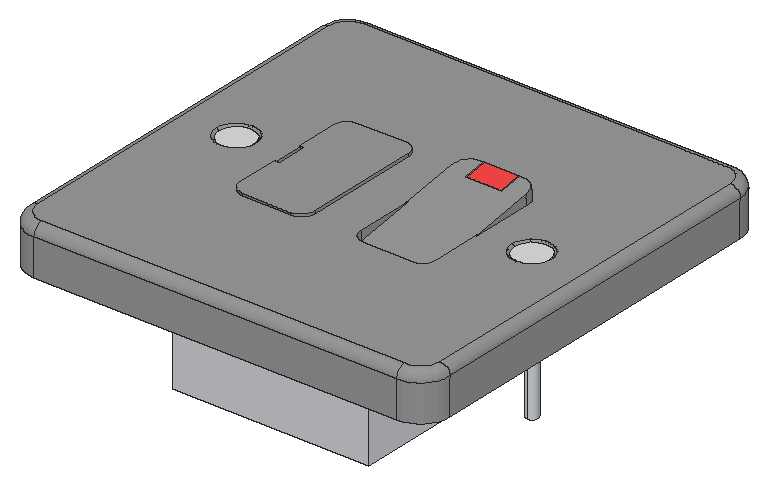
Revit family "ElectricalFixture_WiringAccessories_Hager_Sollysta_PartM_SwitchedGreyFusedConnectionUnits", category Electrical Fixtures, host Face, Revit 2015
Parameters (values of type "WMSSU83NG")
  Warranty ID = ""
  Voltage (Volts) = "230V/240V"
  Unique Reference = "WMSSU83NG"
  Type = "ElectricalFixture"
  Technical Description = Description  # "13AFCUSwitchedWithLEDWithGreyFacePlate"
  Switch = no
  Supply Phase = "1"
  Size = ""
  Shipping Weight kg = "0.188"
  Shape = "Rectangular"
  RockerMaterial = Urea Formaldehyde Thermoset Plastic
  Reference Standard = "BS 1363-2"
  Product URL = "http://www.hager.co.uk/product-catalogue/wiring-accessories/sollysta/white-moulded/white-moulded-sockets/58428.htm"
  Product Range = "Sollysta"
  Product Model Number = Unique Reference  # "WMSSU83NG"
  Product Literature = "http://www.hager.co.uk/product-catalogue/wiring-accessories/sollysta/38662.htm"
  Product Group = "WiringAccessories"
  Product Family = "PartMFusedConnectionUnits"
  Packaging Recyclable = yes
  Overall Width = Overall Length  # 86.0 mm
  Overall Length = 86.0 mm
  Overall Height = 86.0 mm
  Overall Depth = 26.07 mm
  Operation and Maintenance Manual = ""
  Name = "PartMFusedConnectionUnits_WMSSU83NG"
  Measurement Units = "mm"
  Material = Urea Formaldehyde Thermoset Plastic
  Manufacturer Website = "http://www.hager.co.uk/"
  Manufacturer Country = "United Kingdom"
  Manufacturer = "Hager"
  LED Indicator Switch = yes
  Gross Weight kg = "0.165"
  Frequency = "50/60Hz"
  Flex Outlet = no
  Finish = "Gloss"
  Features = Description  # "13AFCUSwitchedWithLEDWithGreyFacePlate"
  FaceMaterial = Hager_GreyPartM
  Extrusion From Wall = 11.921 mm
  Expected Life = "25 years"
  EAN Code = "5015654756833"
  Design Country = "China"
  Description = "13AFCUSwitchedWithLEDWithGreyFacePlate"
  Default Elevation = 1219.2 mm
  Colour = "PartMRed"
  CE Approval = yes
Reference planes
  plane 1 "Center (Front/Back)": y = 0
  plane 2: z = 0
  plane 3 "Center (Left/Right)": x = 0
  plane 4: y = -43
  plane 5: y = 43
  plane 6: x = -137
  plane 7: x = -51
  plane 8: z = 9.47
  plane 9: z = -16.6
  plane 10: z = 11.921
  plane 11: y = -471.393
  plane 12: z = -20.53
  plane 13: x = -124.15
  plane 14: x = -63.85
  plane 15: x = -93.992
Forms (mm)
  Extrusion 1, solid, material "Hager_GreyPartM" <- "FaceMaterial", detail levels fine
    sketch origin (0, 0, 0) x (1, 0, 0) y (0, 1, 0)
      loop
        arc (-137, -37.005) -> (-135.244, -41.244) -> (-131.005, -43) r 5.995
        line (-131.005, -43) -> (-57.017, -43)
        arc (-57.017, -43) -> (-52.762, -41.238) -> (-51, -36.983) r 6.017
        line (-51, -36.983) -> (-51, 37.035)
        arc (-51, 37.035) -> (-52.747, 41.253) -> (-56.965, 43) r 5.965
        line (-56.965, 43) -> (-131.018, 43)
        arc (-131.018, 43) -> (-135.248, 41.248) -> (-137, 37.018) r 5.982
        line (-137, 37.018) -> (-137, -37.005)
      loop
        circle (-124.15, 0) r 3.228
      loop
        circle (-63.85, 0) r 3.228
      loop
        line (-98.66, -11.794) -> (-98.66, 11.928)
        arc (-98.66, 11.928) -> (-99.483, 13.914) -> (-101.469, 14.736) r 2.808
        line (-101.469, 14.736) -> (-111.177, 14.736)
        arc (-111.177, 14.736) -> (-113.111, 13.935) -> (-113.912, 12.001) r 2.735
        line (-113.912, 12.001) -> (-113.912, -11.881)
        arc (-113.912, -11.881) -> (-113.123, -13.786) -> (-111.218, -14.576) r 2.694
        line (-111.218, -14.576) -> (-101.441, -14.576)
        arc (-101.441, -14.576) -> (-99.475, -13.761) -> (-98.66, -11.794) r 2.781
      loop
        arc (-89.304, -11.794) -> (-88.489, -13.761) -> (-86.523, -14.576) r 2.781
        line (-86.523, -14.576) -> (-76.746, -14.576)
        arc (-76.746, -14.576) -> (-74.841, -13.786) -> (-74.052, -11.881) r 2.694
        line (-74.052, -11.881) -> (-74.052, 12.001)
        arc (-74.052, 12.001) -> (-74.853, 13.935) -> (-76.787, 14.736) r 2.735
        line (-76.787, 14.736) -> (-86.495, 14.736)
        arc (-86.495, 14.736) -> (-88.481, 13.914) -> (-89.304, 11.928) r 2.808
        line (-89.304, 11.928) -> (-89.304, -11.794)
    from 0 to 9.47
  Sweep 2, void
    path origin (0, 0, 0) x (1, 0, 0) y (0, 1, 0)
      loop
        line (-137, 37.018) -> (-137, -37.005)
        arc (-137, -37.005) -> (-135.244, -41.244) -> (-131.005, -43) r 5.995
        line (-131.005, -43) -> (-57.017, -43)
        arc (-57.017, -43) -> (-52.762, -41.238) -> (-51, -36.983) r 6.017
        line (-51, -36.983) -> (-51, 37.035)
        arc (-51, 37.035) -> (-52.747, 41.253) -> (-56.965, 43) r 5.965
        line (-56.965, 43) -> (-131.018, 43)
        arc (-131.018, 43) -> (-135.248, 41.248) -> (-137, 37.018) r 5.982
    profile origin (-137, 0.007, 0) x (1, 0, 0) y (0, 0, 1)
      loop
        line (0, 9.47) -> (0, 7.462)
        arc (0, 7.462) -> (0.588, 8.882) -> (2.008, 9.47) r 2.008
        line (2.008, 9.47) -> (0, 9.47)
  Sweep 3, void
    path origin (0, 0, 0) x (1, 0, 0) y (0, 1, 0)
      loop
        circle (-63.85, 0) r 3.228
    profile origin (-63.85, 3.228, 0) x (0, -1, 0) y (0, 0, 1)
      loop
        line (0, 9.47) -> (-0.814, 9.47)
        arc (-0.814, 9.47) -> (-0.347, 9.123) -> (0, 8.656) r 2
        line (0, 8.656) -> (0, 9.47)
  Sweep 4, void
    path origin (0, 0, 0) x (1, 0, 0) y (0, 1, 0)
      loop
        circle (-124.15, 0) r 3.228
    profile origin (-124.15, 3.228, 0) x (0, 1, 0) y (0, 0, 1)
      loop
        line (0, 9.47) -> (0, 8.656)
        arc (0, 8.656) -> (0.346, 9.124) -> (0.814, 9.47) r 1.964
        line (0.814, 9.47) -> (0, 9.47)
  Extrusion 5, solid, material "Steel, Chrome Plated", detail levels fine
    sketch origin (0, 0, 0) x (1, 0, 0) y (0, 1, 0)
      loop
        circle (-124.15, 0) r 3.542
    from -1.167 to 9.196
  Extrusion 6, solid, material "Steel, Chrome Plated", detail levels fine
    sketch origin (0, 0, 0) x (-1, 0, 0) y (0, -1, 0)
      loop
        circle (63.85, 0) r 3.542
    from -1.167 to 9.196
  Extrusion 7, solid, detail levels medium
    sketch origin (0, 0, 0) x (1, 0, 0) y (0, 1, 0)
      loop
        line (-137, 43) -> (-137, -43) -> (-51, -43) -> (-51, 43) -> (-137, 43)
    from 0 to 9.47
  Extrusion 8, solid
    sketch origin (-184.307, 0, -1.167) x (0, 1, 0) y (-1, 0, 0)
      loop
        circle (0, -60.15) r 1.2
    from 0 to 19.363
  Extrusion 9, solid
    sketch origin (0, 0, -1.167) x (0, -1, 0) y (1, 0, 0)
      loop
        circle (0, -63.85) r 1.2
    from 0 to 19.363
  Extrusion 10, solid, material "Urea Formaldehyde Thermoset Plastic", detail levels medium
    sketch origin (0, 0, 0) x (1, 0, 0) y (0, 1, 0)
      loop
        line (-137, -43) -> (-51, -43) -> (-51, 43) -> (-137, 43) -> (-137, -43)
    from 0 to 9.47
  Extrusion 11, solid, material "Urea Formaldehyde Thermoset Plastic", visible <- "Flex Outlet", detail levels fine
    sketch origin (0, 0, 0) x (1, 0, 0) y (0, 1, 0)
      loop
        circle (-115.967, -26.562) r 4
    from 9.47 to 9.835
  Extrusion 12, solid, material "Urea Formaldehyde Thermoset Plastic", detail levels fine
    sketch origin (-12.347, 0, 0) x (1, 0, 0) y (0, 1, 0)
      loop
        arc (-101.565, -11.881) -> (-100.775, -13.786) -> (-98.87, -14.576) r 2.694
        line (-98.87, -14.576) -> (-89.094, -14.576)
        arc (-89.094, -14.576) -> (-87.127, -13.761) -> (-86.313, -11.794) r 2.781
        line (-86.313, -11.794) -> (-86.313, 11.928)
        arc (-86.313, 11.928) -> (-87.135, 13.914) -> (-89.121, 14.736) r 2.808
        line (-89.121, 14.736) -> (-98.83, 14.736)
        arc (-98.83, 14.736) -> (-100.764, 13.935) -> (-101.565, 12.001) r 2.735
        line (-101.565, 12.001) -> (-101.565, 3.261) -> (-100.611, 3.261) -> (-100.611, -3.031) -> (-101.565, -3.031) -> (-101.565, -11.881)
    from 7.698 to 9.835
  Extrusion 13, solid, material "Urea Formaldehyde Thermoset Plastic" <- "RockerMaterial", visible <- "Switch", detail levels fine
    sketch origin (-6.456, -21.777, 3.542) x (1, 0, 0) y (0, 0.987688, -0.156434)
      loop
        arc (-82.848, 9.104) -> (-81.912, 6.845) -> (-79.653, 5.91) r 3.194
        line (-79.653, 5.91) -> (-70.877, 5.91)
        arc (-70.877, 5.91) -> (-68.557, 6.871) -> (-67.596, 9.191) r 3.281
        line (-67.596, 9.191) -> (-67.596, 32.07)
        arc (-67.596, 32.07) -> (-68.565, 34.409) -> (-70.904, 35.378) r 3.308
        line (-70.904, 35.378) -> (-72.778, 35.378) -> (-77.654, 35.378) -> (-79.613, 35.378)
        arc (-79.613, 35.378) -> (-81.9, 34.431) -> (-82.848, 32.143) r 3.235
        line (-82.848, 32.143) -> (-82.848, 9.104)
    from 0 to 9.42
  Extrusion 14, solid, material "LED Indicator", visible <- "LED Indicator Switch", detail levels fine
    sketch origin (12.261, 0.582, -1.893) x (1, 0, 0) y (0, 0.987649, 0.156681)
      loop
        line (-97.565, 11.407) -> (-90.394, 11.407) -> (-90.394, 15.877) -> (-97.565, 15.877) -> (-97.565, 11.407)
    from 7.064 to 11.47
  Extrusion 15, solid, material "Urea Formaldehyde Thermoset Plastic" <- "RockerMaterial", visible <- "LED Indicator Switch", detail levels fine
    sketch origin (-6.456, 21.777, 3.542) x (1, 0, 0) y (0, 0.987688, 0.156434)
      loop
        line (-82.848, -9.104) -> (-82.848, -32.143)
        arc (-82.848, -32.143) -> (-81.9, -34.431) -> (-79.613, -35.378) r 3.235
        line (-79.613, -35.378) -> (-77.654, -35.378) -> (-72.778, -35.378) -> (-70.904, -35.378)
        arc (-70.904, -35.378) -> (-68.565, -34.409) -> (-67.596, -32.07) r 3.308
        line (-67.596, -32.07) -> (-67.596, -9.191)
        arc (-67.596, -9.191) -> (-68.557, -6.871) -> (-70.877, -5.91) r 3.281
        line (-70.877, -5.91) -> (-71.677, -5.91) -> (-71.677, -10.38) -> (-78.848, -10.38) -> (-78.848, -5.91) -> (-79.653, -5.91)
        arc (-79.653, -5.91) -> (-81.912, -6.845) -> (-82.848, -9.104) r 3.194
    from 0 to 9.42
  Extrusion 16, solid
    sketch origin (0, 0, 0) x (1, 0, 0) y (0, 1, 0)
      loop
        line (-113.912, 29.388) -> (-113.912, -28.916) -> (-74.052, -28.916) -> (-74.052, 29.388) -> (-113.912, 29.388)
    from -20.53 to 0
Cuts and joins
  Sweep 2, Sweep 3, Sweep 4 cuts Extrusion 1
Lines and regions (mm)
  symbolic lines, style "ElectricalFixtures", not visible, detail levels coarse
    curve 1: line (73.42, -504.912, 19.451) -> (3.42, -504.912, 19.451)
    curve 2: arc (73.42, -504.912, 19.451) -> (38.42, -504.912, 54.451) -> (3.42, -504.912, 19.451) r 35
    curve 3: circle (38.42, -504.912, 54.451) r 6 normal (0, 1, 0)
    curve 4: line (38.42, -504.912, 54.451) -> (38.42, -504.912, 99.451)
    curve 5: line (38.42, -504.912, 99.451) -> (68.42, -504.912, 99.451)
    curve 6: line (38.42, -504.912, 54.451) -> (10.78, -504.912, 87.391)
    curve 7: line (10.78, -504.912, 87.391) -> (-3.315, -504.912, 75.564)
    curve 8: line (0.509, -504.912, 19.451) -> (-69.491, -504.912, 19.451)
    curve 9: arc (0.509, -504.912, 19.451) -> (-34.491, -504.912, 54.451) -> (-69.491, -504.912, 19.451) r 35
    curve 10: circle (-34.491, -504.912, 54.451) r 6 normal (0, 1, 0)
    curve 11: line (-34.491, -504.912, 54.451) -> (-34.491, -504.912, 99.451)
    curve 12: line (-34.491, -504.912, 99.451) -> (-4.491, -504.912, 99.451)
    curve 13: line (-34.491, -504.912, 54.451) -> (-62.13, -504.912, 87.391)
    curve 14: line (-62.13, -504.912, 87.391) -> (-76.226, -504.912, 75.564)
  model lines, detail levels coarse
    curve 15: line (-137, 43, 0) -> (-51, 43, 0)
    curve 16: line (-137, -43, 0) -> (-137, 43, 0)
    curve 17: line (-51, -43, 0) -> (-137, -43, 0)
    curve 18: line (-51, 43, 0) -> (-51, -43, 0)
    curve 19: arc (-120.108, 0, 0) -> (-124.15, -4.042, 0) -> (-128.192, 0, 0) r 4.042
    curve 20: arc (-128.192, 0, 0) -> (-124.15, 4.042, 0) -> (-120.108, 0, 0) r 4.042
    curve 21: arc (-59.808, 0, 0) -> (-63.85, -4.042, 0) -> (-67.892, 0, 0) r 4.042
    curve 22: arc (-67.892, 0, 0) -> (-63.85, 4.042, 0) -> (-59.808, 0, 0) r 4.042
  model lines
    curve 23: line (-112.959, 3.261, 0) -> (-112.959, -3.031, 0)
    curve 24: line (-112.959, -3.031, 0) -> (-113.912, -3.031, 0)
    curve 25: line (-113.912, -3.031, 0) -> (-113.912, -11.881, 0)
    curve 26: arc (-113.912, -11.881, 0) -> (-113.123, -13.786, 0) -> (-111.218, -14.576, 0) r 2.694
    curve 27: line (-111.218, -14.576, 0) -> (-101.441, -14.576, 0)
    curve 28: arc (-101.441, -14.576, 0) -> (-99.475, -13.761, 0) -> (-98.66, -11.794, 0) r 2.781
    curve 29: line (-98.66, -11.794, 0) -> (-98.66, 11.928, 0)
    curve 30: arc (-98.66, 11.928, 0) -> (-99.483, 13.914, 0) -> (-101.469, 14.736, 0) r 2.808
    curve 31: line (-101.469, 14.736, 0) -> (-111.177, 14.736, 0)
    curve 32: arc (-111.177, 14.736, 0) -> (-113.111, 13.935, 0) -> (-113.912, 12.001, 0) r 2.735
    curve 33: line (-113.912, 12.001, 0) -> (-113.912, 3.261, 0)
    curve 34: line (-113.912, 3.261, 0) -> (-112.959, 3.261, 0)
    curve 35: line (-113.912, -11.881, 0) -> (-113.912, 12.001, 0)
    curve 38: line (-89.304, 12.785, 0) -> (-89.304, -12.785, 0)
    curve 39: spline (-89.304, 12.785, 0) -> (-89.276, 13.196, 0) -> (-89.195, 13.601, 0) -> (-89.061, 13.992, 0) -> (-88.876, 14.362, 0) -> (-88.644, 14.705, 0) -> (-88.368, 15.016, 0) -> (-88.054, 15.288, 0) -> (-87.707, 15.517, 0) -> (-87.332, 15.699, 0) -> (-86.936, 15.832, 0) -> (-86.526, 15.913, 0) -> (-86.109, 15.94, 0)
    curve 40: line (-86.109, 15.94, 0) -> (-77.333, 15.94, 0)
    curve 41: spline (-77.333, 15.94, 0) -> (-76.905, 15.912, 0) -> (-76.484, 15.829, 0) -> (-76.077, 15.693, 0) -> (-75.692, 15.505, 0) -> (-75.336, 15.27, 0) -> (-75.013, 14.99, 0) -> (-74.73, 14.672, 0) -> (-74.491, 14.319, 0) -> (-74.302, 13.939, 0) -> (-74.164, 13.538, 0) -> (-74.08, 13.122, 0) -> (-74.052, 12.699, 0)
    curve 42: line (-74.052, -12.699, 0) -> (-74.052, 12.699, 0)
    curve 43: spline (-74.052, -12.699, 0) -> (-74.08, -13.122, 0) -> (-74.164, -13.538, 0) -> (-74.302, -13.939, 0) -> (-74.491, -14.319, 0) -> (-74.73, -14.672, 0) -> (-75.013, -14.99, 0) -> (-75.336, -15.27, 0) -> (-75.692, -15.505, 0) -> (-76.077, -15.693, 0) -> (-76.484, -15.829, 0) -> (-76.905, -15.912, 0) -> (-77.333, -15.94, 0)
    curve 44: line (-77.333, -15.94, 0) -> (-86.109, -15.94, 0)
    curve 45: spline (-86.109, -15.94, 0) -> (-86.526, -15.913, 0) -> (-86.936, -15.832, 0) -> (-87.332, -15.699, 0) -> (-87.707, -15.517, 0) -> (-88.054, -15.288, 0) -> (-88.368, -15.016, 0) -> (-88.644, -14.705, 0) -> (-88.876, -14.362, 0) -> (-89.061, -13.992, 0) -> (-89.195, -13.601, 0) -> (-89.276, -13.196, 0) -> (-89.304, -12.785, 0)
  model lines, visible <- "Flex Outlet"
    curve 36: arc (-119.967, -26.562, 0) -> (-115.967, -30.562, 0) -> (-111.967, -26.562, 0) r 4
    curve 37: arc (-111.967, -26.562, 0) -> (-115.967, -22.562, 0) -> (-119.967, -26.562, 0) r 4
  symbolic lines, style "ElectricalFixtures"
    curve 46: line (-120.142, -504.912, 16.572) -> (-67.984, -504.912, 16.572)
    curve 47: line (-120.142, -504.912, 36.572) -> (-120.142, -504.912, 16.572)
    curve 48: line (-67.984, -504.912, 36.572) -> (-120.142, -504.912, 36.572)
    curve 49: line (-67.984, -504.912, 16.572) -> (-67.984, -504.912, 36.572)
    curve 50: line (-137, -504.912, 26.572) -> (-51, -504.912, 26.572)
Dimensions and locks
  plane 10 to plane 9 = 28.521 mm
  plane 8 to plane 9 = 26.07 mm
  plane 2 to plane 9 = 16.6 mm
  "Overall Length": plane 6 to plane 7
  "Overall Height": plane 4 to plane 5
  "Overall Depth": plane 9 to plane 8
  plane 2 to plane 10 = 11.921 mm
  plane 8 to plane 12 = 30.0 mm
  aligned and locked: plane 2 to host face
  aligned and locked: level to host face
  aligned and locked: Extrusion 1 to plane 8
  aligned and locked: Extrusion 7 to plane 8
  aligned and locked: Extrusion 6 to Extrusion 8
  aligned and locked: Extrusion 9 to Extrusion 5
  aligned and locked: plane 12 to Extrusion 9
  aligned and locked: Extrusion 10 to plane 8
  aligned and locked: Extrusion 10 to level
  aligned and locked: Extrusion 11 to cut or joined group of Extrusion 1, Sweep 2, Sweep 3, Sweep 4
  aligned and locked: Extrusion 8 to Extrusion 16
  aligned and locked: level to Extrusion 16
Automatic sketch dimensions
  host sketch curve to host sketch curve = 2438.4 mm  (x2)
  Extrusion 1 sketch curve to plane 6 = 0.0 mm
  plane 5 to Extrusion 1 sketch curve = 0.0 mm
  plane 4 to Extrusion 1 sketch curve = 0.0 mm
  plane 1 "Center (Front/Back)" to Extrusion 1 sketch curve = 0.0 mm  (x2)
  Extrusion 1 sketch curve to plane 13 = 0.0 mm
  Extrusion 1 sketch curve to plane 14 = 0.0 mm
  plane 6 to Extrusion 1 sketch curve = 5.982 mm
  plane 6 to Extrusion 1 sketch curve = 5.995 mm
  plane 13 to Extrusion 1 sketch curve = 10.238 mm
  Extrusion 1 sketch curve to Extrusion 1 sketch curve = 2.694 mm  (x2)
  Extrusion 1 sketch curve to Extrusion 1 sketch curve = 2.735 mm
  Extrusion 1 sketch curve to Extrusion 1 sketch curve = 9.709 mm  (x2)
  Extrusion 1 sketch curve to Extrusion 1 sketch curve = 9.776 mm  (x2)
  Extrusion 1 sketch curve to Extrusion 1 sketch curve = 2.781 mm  (x3)
  Extrusion 1 sketch curve to Extrusion 1 sketch curve = 9.356 mm
  Extrusion 1 sketch curve to Extrusion 1 sketch curve = 2.808 mm
  Extrusion 1 sketch curve to plane 7 = 6.017 mm
  Extrusion 1 sketch curve to plane 7 = 5.965 mm
  plane 7 to Extrusion 1 sketch curve = 0.0 mm
  plane 1 "Center (Front/Back)" to Extrusion 1 sketch curve = 14.576 mm
  Extrusion 1 sketch curve to plane 1 "Center (Front/Back)" = 11.928 mm
  Extrusion 1 sketch curve to Extrusion 1 sketch curve = 0.0 mm
  Sweep 2 sketch curve to plane 6 = 0.0 mm
  plane 5 to Sweep 2 sketch curve = 0.0 mm
  plane 4 to Sweep 2 sketch curve = 0.0 mm
  Sweep 2 sketch curve to Sweep 2 sketch curve = 5.982 mm
  plane 6 to Sweep 2 sketch curve = 5.995 mm
  Sweep 2 sketch curve to plane 7 = 6.017 mm
  Sweep 2 sketch curve to plane 7 = 5.965 mm
  plane 7 to Sweep 2 sketch curve = 0.0 mm
  profile plane to Sweep 2 sketch curve = 0.0 mm
  Sweep 2 sketch curve to Sweep 2 sketch curve = 2.008 mm
  level to Sweep 2 sketch curve = 7.462 mm
  plane 1 "Center (Front/Back)" to Sweep 3 sketch curve = 0.0 mm
  Sweep 3 sketch curve to plane 14 = 0.0 mm
  Sweep 3 sketch curve to profile plane = 0.0 mm
  Sweep 3 sketch curve to Sweep 3 sketch curve = 0.814 mm
  profile plane to Sweep 3 sketch curve = 1.761 mm
  level to Sweep 3 sketch curve = 7.709 mm
  Sweep 3 sketch curve to Sweep 3 sketch curve = 0.947 mm
  Sweep 4 sketch curve to Sweep 4 sketch curve = 0.0 mm  (x2)
  plane 1 "Center (Front/Back)" to Sweep 4 sketch curve = 0.0 mm
  Sweep 4 sketch curve to plane 13 = 0.0 mm
  Sweep 4 sketch curve to plane 13 = 3.228 mm
  Sweep 4 sketch curve to profile plane = 0.0 mm
  Sweep 4 sketch curve to profile plane = 0.814 mm
  Sweep 4 sketch curve to profile plane = 1.735 mm
  level to Sweep 4 sketch curve = 7.735 mm
  Sweep 4 sketch curve to Sweep 4 sketch curve = 0.921 mm
  Extrusion 5 sketch curve to Extrusion 5 sketch curve = 0.0 mm  (x2)
  plane 1 "Center (Front/Back)" to Extrusion 5 sketch curve = 0.0 mm
  Extrusion 5 sketch curve to plane 13 = 0.0 mm
  Extrusion 5 sketch curve to plane 13 = 3.542 mm
  Extrusion 6 sketch curve to Extrusion 6 sketch curve = 0.0 mm  (x2)
  plane 1 "Center (Front/Back)" to Extrusion 6 sketch curve = 0.0 mm
  plane 14 to Extrusion 6 sketch curve = 0.0 mm
  Extrusion 6 sketch curve to plane 14 = 3.542 mm
  plane 4 to Extrusion 7 sketch curve = 0.0 mm
  Extrusion 7 sketch curve to plane 6 = 0.0 mm
  Extrusion 7 sketch curve to plane 7 = 0.0 mm
  plane 5 to Extrusion 7 sketch curve = 0.0 mm
  plane 5 to Extrusion 10 sketch curve = 0.0 mm
  Extrusion 10 sketch curve to plane 6 = 0.0 mm
  Extrusion 10 sketch curve to plane 7 = 0.0 mm
  plane 4 to Extrusion 10 sketch curve = 0.0 mm
  plane 4 to curve 17 = 0.0 mm
  curve 17 to plane 6 = 0.0 mm
  plane 1 "Center (Front/Back)" to curve 20 = 0.0 mm
  curve 20 to plane 13 = 0.0 mm
  plane 1 "Center (Front/Back)" to curve 21 = 0.0 mm
  curve 22 to plane 14 = 0.0 mm
  plane 5 to curve 15 = 0.0 mm
  curve 15 to plane 7 = 0.0 mm
  plane 13 to curve 37 = 8.183 mm
  curve 34 to plane 1 "Center (Front/Back)" = 3.261 mm
  plane 13 to curve 34 = 10.238 mm
  curve 33 to curve 23 = 0.953 mm
  curve 25 to curve 27 = 2.694 mm
  curve 32 to curve 32 = 2.735 mm
  curve 32 to curve 30 = 9.709 mm
  curve 27 to curve 27 = 9.776 mm
  curve 28 to curve 29 = 2.781 mm
  curve 37 to plane 4 = 16.438 mm
  plane 1 "Center (Front/Back)" to curve 23 = 3.031 mm
  curve 29 to plane 1 "Center (Front/Back)" = 11.928 mm
  curve 20 to plane 13 = 4.042 mm
  curve 36 to curve 36 = 4.0 mm
  curve 21 to curve 21 = 4.042 mm
  plane 13 to Extrusion 11 sketch curve = 8.183 mm
  Extrusion 11 sketch curve to plane 4 = 16.438 mm
  plane 13 to Extrusion 12 sketch curve = 10.238 mm
  Extrusion 12 sketch curve to Extrusion 12 sketch curve = 0.0 mm
  Extrusion 12 sketch curve to Extrusion 12 sketch curve = 0.953 mm
  Extrusion 12 sketch curve to Extrusion 12 sketch curve = 2.694 mm
  Extrusion 12 sketch curve to Extrusion 12 sketch curve = 2.735 mm
  Extrusion 12 sketch curve to Extrusion 12 sketch curve = 9.709 mm
  Extrusion 12 sketch curve to Extrusion 12 sketch curve = 9.776 mm
  Extrusion 12 sketch curve to Extrusion 12 sketch curve = 2.781 mm
  plane 1 "Center (Front/Back)" to Extrusion 12 sketch curve = 14.576 mm
  plane 1 "Center (Front/Back)" to Extrusion 12 sketch curve = 3.031 mm
  Extrusion 12 sketch curve to plane 1 "Center (Front/Back)" = 3.261 mm
  Extrusion 12 sketch curve to plane 1 "Center (Front/Back)" = 11.928 mm
  Extrusion 13 sketch curve to plane 14 = 25.454 mm
  Extrusion 13 sketch curve to Extrusion 13 sketch curve = 3.194 mm
  Extrusion 13 sketch curve to Extrusion 13 sketch curve = 3.235 mm
  Extrusion 13 sketch curve to Extrusion 13 sketch curve = 1.959 mm
  Extrusion 13 sketch curve to Extrusion 13 sketch curve = 4.875 mm
  Extrusion 13 sketch curve to Extrusion 13 sketch curve = 1.874 mm
  Extrusion 13 sketch curve to Extrusion 13 sketch curve = 8.776 mm
  Extrusion 13 sketch curve to Extrusion 13 sketch curve = 3.281 mm
  Extrusion 13 sketch curve to Extrusion 13 sketch curve = 22.879 mm
  Extrusion 15 sketch curve to plane 14 = 25.454 mm
  Extrusion 15 sketch curve to Extrusion 15 sketch curve = 3.194 mm
  Extrusion 15 sketch curve to Extrusion 15 sketch curve = 3.235 mm
  Extrusion 15 sketch curve to Extrusion 15 sketch curve = 1.959 mm
  Extrusion 15 sketch curve to Extrusion 15 sketch curve = 4.875 mm
  Extrusion 15 sketch curve to Extrusion 15 sketch curve = 1.874 mm
  Extrusion 15 sketch curve to Extrusion 15 sketch curve = 8.776 mm
  Extrusion 15 sketch curve to Extrusion 15 sketch curve = 3.281 mm
  Extrusion 15 sketch curve to Extrusion 15 sketch curve = 22.879 mm
  Extrusion 15 sketch curve to Extrusion 15 sketch curve = 0.8 mm
  Extrusion 15 sketch curve to Extrusion 15 sketch curve = 1.189 mm
  Extrusion 15 sketch curve to Extrusion 15 sketch curve = 0.806 mm
  Extrusion 15 sketch curve to Extrusion 15 sketch curve = 1.276 mm
  Extrusion 14 sketch curve to plane 14 = 21.454 mm
  Extrusion 14 sketch curve to Extrusion 14 sketch curve = 7.171 mm
  Extrusion 14 sketch curve to Extrusion 14 sketch curve = 4.471 mm
  curve 29 to curve 38 = 9.356 mm
  curve 39 to curve 39 = 3.194 mm
  curve 40 to curve 41 = 8.776 mm
  curve 41 to curve 41 = 3.281 mm
  curve 38 to curve 29 = 0.99 mm
  curve 30 to curve 38 = 0.857 mm
  curve 41 to curve 39 = 0.086 mm
  curve 39 to curve 39 = 3.155 mm
  plane 1 "Center (Front/Back)" to curve 42 = 12.699 mm
  curve 44 to curve 42 = 3.281 mm
  curve 44 to curve 42 = 3.241 mm
  curve 38 to curve 44 = 3.194 mm
  curve 44 to curve 45 = 3.155 mm
  plane 13 to Extrusion 16 sketch curve = 10.238 mm
  Extrusion 16 sketch curve to plane 14 = 10.202 mm
  Extrusion 16 sketch curve to plane 4 = 14.084 mm
  plane 5 to Extrusion 16 sketch curve = 13.612 mm
  curve 50 to plane 6 = 0.0 mm
  curve 50 to plane 7 = 0.0 mm
  curve 46 to plane 10 = 4.651 mm
  plane 13 to curve 46 = 4.008 mm
  curve 49 to plane 14 = 4.134 mm
  curve 50 to plane 10 = 14.651 mm
  curve 50 to curve 47 = 10.0 mm
  radius of Extrusion 1 sketch curve = 3.228 mm  (x2)
  radius of Sweep 3 sketch curve = 3.228 mm
  radius of Extrusion 8 sketch curve = 1.2 mm
  radius of Extrusion 9 sketch curve = 1.2 mm
  radius of Extrusion 11 sketch curve = 4.0 mm
Connectors
  electrical at (-94.001, 0.008, 0)
    settings: on cut or joined group of Extrusion 1, Sweep 2, Sweep 3, Sweep 4, index 1, voltage 230 V, apparent load 0 VA, apparent load phase1 0 VA, apparent load phase2 0 VA, apparent load phase3 0 VA, power factor 1, load classification "Other", number of poles 1, system type 31, power factor state 1, is connector primary yes, connector utility no, sub classification motor no, connector description ""
